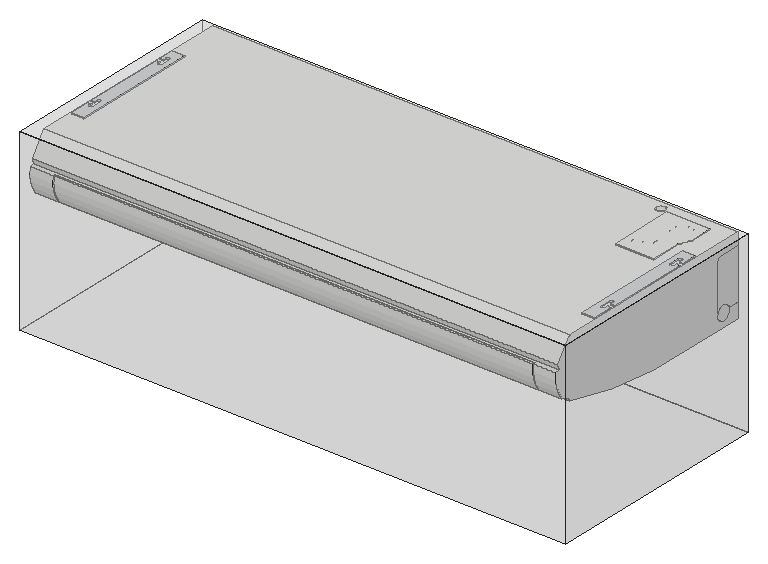
Revit family "outputfile", category 機械設備, Revit 2024
Family settings
  丸型コネクタ寸法 = 半径を使用
  パーツ タイプ = 標準
  OmniClass 番号 = 23.75.10.24.21.27.27
  OmniClass タイトル = Split System Air Conditioning Units
  作業面ベース = いいえ
  常に垂直 = はい
  ロード時にボイドで切り取り = いいえ
  注釈の向きを維持 = いいえ
  共有 = いいえ
  部屋計算ポイント = はい
Parameters (values of type "FXHQ125BVM")
  Description = ""
  製造元 = "Daikin"
  書き出し IFC クラス(タイプ) = "IfcUnitaryEquipmentType"
  定義済み IFC タイプ(タイプ) = "AIRCONDITIONINGUNIT"
  Cost = 0
  モデル = "FXHQ125BVM"
  Type Comments = ""
  Keynote = ""
  Type Image = (empty or 0)
  Assembly Code = ""
  r_Liquid Pipe Size = Liquid Pipe Size / 2  # 4.75 mm
  r_Gas Pipe Size = Gas Pipe Size / 2  # 7.95 mm
  r_Drain Pipe Size = Drain Pipe Size / 2  # 10.0 mm
  l_powersupply [instance] = if(Rear Right Connection_powersupply, 29.0 mm, 175.0 mm)  # 29.0 mm
  h_mountinghole = 2.0 mm  # constant formula
  angle_vertical_powersupply [instance] = if(Rear Right Connection_powersupply, 90.00°, 180.00°)  # 90.00°
  angle_vertical_drainpipe [instance] = if(or(Left Connection_drainpipe, Right Connection_drainpipe), 90.00°, if(Top Connection_drainpipe, 180.00°, -90.00°))  # -90.00°
  angle_horizontal_powersupply [instance] = if(Rear Right Connection_powersupply, 180.00°, 0.00°)  # 180.00°
  angle_horizontal_drainpipe [instance] = if(Right Connection_drainpipe, 90.00°, if(Left Connection_drainpipe, -90.00°, 0.00°))  # 0.00°
  Voltage_comment_60Hz = "220"
  Voltage_comment_50Hz = "220-240"
  Voltage_60Hz = 220 V
  Voltage_50Hz = 220 V
  URL = ""
  Top Connection_refrigerant [instance] = no
  Top Connection_powersupply [instance] = not(Rear Right Connection_powersupply)  # no
  Right Connection_refrigerant [instance] = no
  Rear Right Connection_refrigerant [instance] = yes
  Phase_60Hz = 1
  Phase_50Hz = 1
  Minimum Circuit Amps_60Hz = 1.4 A
  Minimum Circuit Amps_50Hz = 1.4 A
  Maximum Fuse Amps_60Hz = 15.0 A
  Maximum Fuse Amps_50Hz = 15.0 A
  Material_Casing = DAIKIN_White_Casing_indoorunit
  lw_powersupply [instance] = if(Rear Right Connection_powersupply, 220.0 mm, 210.0 mm)  # 220.0 mm
  lw_mountinghole_pitch = 1550.0 mm  # constant formula
  lw_mountinghole = 20.0 mm  # constant formula
  lw_liquidpipe [instance] = if(Right Connection_refrigerant, 156.0 mm, if(Top Connection_refrigerant, 156.0 mm, 136.0 mm))  # 136.0 mm
  lw_gaspipe = 105.0 mm  # constant formula
  lw_drainpipe [instance] = if(Top Connection_drainpipe, 102.0 mm, if(or(Left Connection_drainpipe, Rear Left Connection_drainpipe), 1514.0 mm, 83.0 mm))  # 83.0 mm
  lh_powersupply = 175.0 mm  # constant formula
  lh_liquidpipe [instance] = if(Rear Right Connection_refrigerant, 160.0 mm, 131.0 mm)  # 160.0 mm
  lh_gaspipe [instance] = if(Rear Right Connection_refrigerant, 150.0 mm, 91.0 mm)  # 150.0 mm
  lh_drainpipe = 197.0 mm  # constant formula
  l_antena = 1.0 mm  # constant formula
  ld_powersupply = 30.0 mm  # constant formula
  ld_mountinghole_pitch = 260.0 mm  # constant formula
  ld_mountinghole = 210.0 mm  # constant formula
  ld_liquidpipe [instance] = if(Right Connection_refrigerant, 57.0 mm, if(Top Connection_refrigerant, 189.0 mm, 221.0 mm))  # 221.0 mm
  ld_gaspipe [instance] = if(Right Connection_refrigerant, 57.0 mm, if(Top Connection_refrigerant, 163.0 mm, 214.0 mm))  # 214.0 mm
  ld_drainpipe [instance] = if(or(Left Connection_drainpipe, Right Connection_drainpipe), 57.0 mm, if(Top Connection_drainpipe, 87.0 mm, 268.0 mm))  # 268.0 mm
  l_liquidpipe_length [instance] = if(Right Connection_refrigerant, 156.0 mm, if(Top Connection_refrigerant, 131.0 mm, 220.0 mm))  # 220.0 mm
  l_gaspipe_length [instance] = if(Right Connection_refrigerant, 105.0 mm, if(Top Connection_refrigerant, 91.0 mm, 213.0 mm))  # 213.0 mm
  l_drainpipe_length [instance] = if(Right Connection_drainpipe, 83.0 mm, if(Top Connection_drainpipe, 197.0 mm, if(Left Connection_drainpipe, 76.0 mm, 267.0 mm)))  # 267.0 mm
  h*** = 0.0 mm  # constant formula
  angle_vertical [instance] = if(Right Connection_refrigerant, 90.00°, if(Top Connection_refrigerant, 180.00°, -90.00°))  # -90.00°
  angle_horizontal [instance] = if(Right Connection_refrigerant, 90.00°, 0.00°)  # 0.00°
  Width = 1590.0 mm
  Version = "ver.1.0"
  Unit Type = "Ceiling Suspended Type"
  Unit Mass Weight = 39.00 kg
  Unit Designation [instance] = ""
  Uniclass2015Version = "Products v1.30"
  Uniclass2015Title = "Variable refrigerant flow units"
  Uniclass2015Code = "Pr_70_65_03_94"
  Total Heating Capacity [instance] = 0.000 kW
  Total Cooling Capacity [instance] = 0.000 kW
  Top Connection_drainpipe [instance] = no
  Sound Pressure Level_M speed (dBA) = 0
  Sound Pressure Level_L speed (dBA) = 37
  Sound Pressure Level_H speed (dBA) = 46
  Series = "VRV Fan Coil Unit"
  Sensible Cooling Capacity [instance] = 0.000 kW
  Rear Right Connection_drainpipe [instance] = yes
  Rear Right Connection_powersupply [instance] = yes
  Right Connection_drainpipe [instance] = no
  Refrigerant Type = "R410A"
  Power Input (Heating) = 0.168 kW
  Power Input (Cooling) = 0.168 kW
  Option Accessory 3 [instance] = ""
  Option Accessory 2 [instance] = ""
  Option Accessory 1 [instance] = ""
  Nominal Heating Capacity = 16.000 kW
  Nominal Cooling Capacity = 14.100 kW
  Minimum Airflow = 1200.00 m³/h
  Median Airflow = 0.00 m³/h
  Maximum Airflow = 2040.00 m³/h
  Load Classification = HVAC
  Liquid Pipe Size = 9.5 mm
  Link_Nested Family [instance] = ""
  Rear Left Connection_drainpipe [instance] = no
  Left Connection_drainpipe [instance] = no
  IfcVersion = "0"
  IfcExportType = "AIRCONDITIONINGUNIT"
  IfcExportAs = "IfcUnitaryEquipmentType"
  Height = 235.0 mm
  Heating Entering Wet Bulb Temperature [instance] = 0.00 °C
  Heating Entering Dry Bulb Temperature [instance] = 0.00 °C
  Heating Ambient Wet Bulb Temperature [instance] = 0.00 °C
  Heating Ambient Dry Bulb Temperature [instance] = 0.00 °C
  Heat Exchanger Type = "Cross Fin Coil"
  Gas Pipe Size = 15.9 mm
  Frequency_60Hz = 60 Hz
  Frequency_50Hz = 50 Hz
  Fan Type = "Sirocco Fan"
  Fan Drive = "Direct Drive"
  FCU Tag No. [instance] = ""
  Drain Pipe Size = 20.0 mm
  Design Supply Airflow [instance] = 0.00 m³/h
  Design Outdoor Airflow [instance] = 0.00 m³/h
  Depth = 690.0 mm
  既定の高さ = 0.0 mm
  Cooling Entering Wet Bulb Temperature [instance] = 0.00 °C
  Cooling Entering Dry Bulb Temperature [instance] = 0.00 °C
  Cooling Ambient Wet Bulb Temperature [instance] = 0.00 °C
  Cooling Ambient Dry Bulb Temperature [instance] = 0.00 °C
  Clearance visibility [instance] = yes
  Clearance Top = 5.0 mm
  Clearance Right = 30.0 mm
  Clearance Rear = 0.0 mm
  Clearance Left = 30.0 mm
  Clearance Front = 0.0 mm
  Clearance Bottom = 300.0 mm
Reference planes
  plane 1 "Back": y = 0
  plane 2: z = 0
  plane 3 "Center (Left/Right)": x = 0
  plane 4 "Center (Front/Back)": y = -1
  plane 5 "Front": y = -690
  plane 6 "Left": x = -795
  plane 7 "Right": x = 795
  plane 8 "Top": z = 0
  plane 9 "Bottom": z = -235
  plane 10: y = -690
  plane 11: x = -825
  plane 12: x = 825
  plane 13: z = 5
  plane 14: z = -535
  plane 15: y = 0
  plane 16 "lw_mountinghole": x = -775
  plane 17 "lw_mountinghole2": x = 775
  plane 18 "ld_mountinghole": y = -210
  plane 19 "ld_mountinghole2": y = -470
  plane 20 "lw_gaspipe": x = 690
  plane 21 "ld_gaspipe": y = -214
  plane 22 "lh_gaspipe": z = -150
  plane 23 "lw_liquidpipe": x = 659
  plane 24 "ld_liquidpipe": y = -221
  plane 25 "lh_liquidpipe": z = -160
  plane 26 "ld_drainpipe": y = -268
  plane 27 "lw_drainpipe": x = 712
  plane 28 "lh_drainpipe": z = -197
  plane 29 "lw_powersupply": x = 575
  plane 30 "lh_powersupply": z = -175
  plane 31 "ld_powersupply": y = -30
Forms (mm)
  Extrusion 1, solid, material "DAIKIN_White_Casing_indoorunit" <- "Material_Casing"
    sketch origin (0, 0, 0) x (0, 1, 0) y (0, 0, 1)
      loop
        line (-639.277, 0) -> (-680.876, -61.699) -> (-675.026, -77.772)
        arc (-675.026, -77.772) -> (-681.815, -78.743) -> (-688.601, -79.732) r 2634.132
        arc (-688.601, -79.732) -> (-687.018, -121.096) -> (-669.159, -158.439) r 102.2
        line (-669.159, -158.439) -> (-639.858, -169.325) -> (-635.895, -178.261)
        arc (-635.895, -178.261) -> (-479.121, -215.759) -> (-319.077, -235) r 1400.997
        line (-319.077, -235) -> (-1, -235) -> (-1, 0) -> (-639.277, 0)
    from -795 to 795
  Extrusion 2, solid, material "DAIKIN_White_Casing_indoorunit" <- "Material_Casing"
    sketch origin (0, 0, 0) x (0, 1, 0) y (0, 0, 1)
      loop
        arc (-688.601, -79.732) -> (-687.018, -121.096) -> (-669.159, -158.439) r 102.2
        line (-669.159, -158.439) -> (-665.589, -154.869)
        arc (-665.589, -154.869) -> (-682.432, -118.783) -> (-683.39, -78.971) r 97.2
        arc (-683.39, -78.971) -> (-685.996, -79.351) -> (-688.601, -79.732) r 2634.132
    from -725.5 to 725.5
  Extrusion 3, void
    sketch origin (0, 0, 0) x (0, 1, 0) y (0, 0, 1)
      loop
        line (-301.098, -235) -> (-21.098, -235) -> (-21.098, -230) -> (-301.098, -230) -> (-301.098, -235)
    from -750 to 750
  Extrusion 4, solid, material "DAIKIN_White_Grille_indoorunit"
    sketch origin (0, 0, 0) x (0, 1, 0) y (0, 0, 1)
      loop
        line (-20.098, -230) -> (-301.098, -230) -> (-301.098, -235) -> (-20.098, -235) -> (-20.098, -230)
    from -750 to 750
  Extrusion 5, solid, material "DAIKIN_White_Casing_indoorunit" <- "Material_Casing"
    sketch origin (0, 0, 0) x (1, 0, 0) y (0, 0, 1)
      loop
        line (602, -63) -> (602, -178) -> (673, -220) -> (736, -220) -> (736, -63) -> (602, -63)
    from 0 to 1
  Extrusion 6, solid, material "DAIKIN_White_Casing_indoorunit" <- "Material_Casing"
    sketch origin (0, 0, 0) x (-1, 0, 0) y (0, -1, 0)
      loop
        line (-607, 35) -> (-607, 230) -> (-723, 230) -> (-723, 135) -> (-738, 105) -> (-738, 35) -> (-607, 35)
    from 0 to 1.9
  Extrusion 7, void
    sketch origin (795, 0, 0) x (0, 1, 0) y (0, 0, 1)
      loop
        arc (-79.5, -195) -> (-55.446, -217.446) -> (-34.715, -191.9) r 22.5
        line (-34.715, -191.9) -> (-1, -191.9) -> (-1, -190.1) -> (-35.04, -190.1)
        arc (-35.04, -190.1) -> (-54.942, -172.594) -> (-77.7, -186.182) r 22.5
        line (-77.7, -186.182) -> (-77.7, -43)
        arc (-77.7, -43) -> (-76.528, -40.172) -> (-73.7, -39) r 4
        line (-73.7, -39) -> (-1, -39) -> (-1, -37.2) -> (-73.7, -37.2)
        arc (-73.7, -37.2) -> (-77.801, -38.899) -> (-79.5, -43) r 5.8
        line (-79.5, -43) -> (-79.5, -195)
      loop
        circle (-57, -195) r 20.7
    from 0 to -10
  Extrusion 8, void
    sketch origin (-1444.026, -1, 1200) x (1, 0, 0) y (0, 0, 1)
      loop
        arc (715.026, -1375) -> (704.42, -1379.393) -> (700.026, -1390) r 15
        line (700.026, -1390) -> (700.026, -1400)
        arc (700.026, -1400) -> (704.42, -1410.607) -> (715.026, -1415) r 15
        line (715.026, -1415) -> (745.026, -1415)
        arc (745.026, -1415) -> (755.633, -1410.607) -> (760.026, -1400) r 15
        line (760.026, -1400) -> (760.026, -1390)
        arc (760.026, -1390) -> (755.633, -1379.393) -> (745.026, -1375) r 15
        line (745.026, -1375) -> (715.026, -1375)
    from 0 to 10
  Extrusion 9, void
    sketch origin (-795, 0, 0) x (0, 1, 0) y (0, 0, 1)
      loop
        circle (-57, -197) r 22.5
    from 0 to 10
  Extrusion 10, void
    sketch origin (-1444.026, -1, 1200) x (1, 0, 0) y (0, 0, 1)
      loop
        circle (2136.026, -1375) r 44
    from 0 to 10
  Extrusion 11, void
    sketch origin (0, 0, 0) x (-1, 0, 0) y (0, -1, 0)
      loop
        circle (-693, 87) r 30
    from 0 to -10
  Extrusion 12, void
    sketch origin (0, 0, 0) x (-1, 0, 0) y (0, -1, 0)
      loop
        circle (-690, 163) r 18
    from 0 to -10
  Extrusion 13, void
    sketch origin (0, 0, 0) x (-1, 0, 0) y (0, -1, 0)
      loop
        circle (-639, 189) r 13
    from 0 to -10
  Extrusion 14, void
    sketch origin (-1444.026, -1, 1200) x (1, 0, 0) y (0, 0, 1)
      loop
        circle (2019.026, -1375) r 14.5
    from 0 to 10
  Extrusion 15, void
    sketch origin (0, 0, 0) x (-1, 0, 0) y (0, -1, 0)
      loop
        circle (-585, 30) r 14.5
    from 0 to -10
  Extrusion 16, void
    sketch origin (795, 0, 0) x (0, 1, 0) y (0, 0, 1)
      loop
        arc (-665.589, -154.869) -> (-682.432, -118.783) -> (-683.39, -78.971) r 97.2
        arc (-683.39, -78.971) -> (-685.996, -79.351) -> (-688.601, -79.732) r 2634.132
        arc (-688.601, -79.732) -> (-687.018, -121.096) -> (-669.159, -158.439) r 102.2
        line (-669.159, -158.439) -> (-665.589, -154.869)
    from -69.5 to -1520.5
  Extrusion 17, solid, material "DAIKIN_White_Casing_indoorunit" <- "Material_Casing"
    sketch origin (-795, 0, 0) x (0, 1, 0) y (0, 0, 1)
      loop
        circle (-57, -197) r 22.5
    from 0 to 10
  Extrusion 18, solid
    sketch origin (0, 0, 0) x (-1, 0, 0) y (0, -1, 0)
      loop
        line (781, 223.998) -> (781, 215.998) -> (791.2, 215.998) -> (791.2, 463.998) -> (781, 463.998) -> (781, 455.998)
        arc (781, 455.998) -> (775, 449.998) -> (769, 455.998) r 6
        line (769, 455.998) -> (769, 483.998)
        arc (769, 483.998) -> (775, 489.998) -> (781, 483.998) r 6
        line (781, 483.998) -> (781, 475.998) -> (791.2, 475.998) -> (791.2, 538.998) -> (752.798, 538.998) -> (752.798, 158.998) -> (791.2, 158.998) -> (791.2, 203.998) -> (781, 203.998) -> (781, 195.998)
        arc (781, 195.998) -> (775, 189.998) -> (769, 195.998) r 6
        line (769, 195.998) -> (769, 223.998)
        arc (769, 223.998) -> (775, 229.998) -> (781, 223.998) r 6
      loop
        line (-769, 223.998) -> (-769, 195.998)
        arc (-769, 195.998) -> (-775, 189.998) -> (-781, 195.998) r 6
        line (-781, 195.998) -> (-781, 203.998) -> (-791.2, 203.998) -> (-791.2, 158.998) -> (-752.798, 158.998) -> (-752.798, 538.998) -> (-791.2, 538.998) -> (-791.2, 475.998) -> (-781, 475.998) -> (-781, 483.998)
        arc (-781, 483.998) -> (-775, 489.998) -> (-769, 483.998) r 6
        line (-769, 483.998) -> (-769, 455.998)
        arc (-769, 455.998) -> (-775, 449.998) -> (-781, 455.998) r 6
        line (-781, 455.998) -> (-781, 463.998) -> (-791.2, 463.998) -> (-791.2, 215.998) -> (-781, 215.998) -> (-781, 223.998)
        arc (-781, 223.998) -> (-775, 229.998) -> (-769, 223.998) r 6
    from 0 to 2
Cuts and joins
  Extrusion 3, Extrusion 7, Extrusion 8, Extrusion 9, Extrusion 10, Extrusion 11, Extrusion 12, Extrusion 13, Extrusion 14, Extrusion 15, Extrusion 16 cuts Extrusion 1
Lines and regions (mm)
  reference lines
    curve 1: line (795, -580.282, -192.75) -> (795, -551.225, -200.21)
Dimensions and locks
  equal spacing: plane 6 "Left", plane 3 "Center (Left/Right)", plane 7 "Right"
  "Width": plane 6 "Left" to plane 7 "Right"
  "Depth": plane 5 "Front" to plane 1 "Back"
  "Height": plane 8 "Top" to plane 9 "Bottom"
  "Clearance Front": plane 10 to plane 5 "Front"
  "Clearance Left": plane 11 to plane 6 "Left"
  "Clearance Right": plane 7 "Right" to plane 12
  "Clearance Top": plane 13 to plane 8 "Top"
  "Clearance Bottom": plane 9 "Bottom" to plane 14
  "Clearance Rear": plane 1 "Back" to plane 15
  locked: plane 4 "Center (Front/Back)" to plane 1 "Back" at 1
  locked: Extrusion 1 sketch curve to Extrusion 1 sketch curve at 235
  locked: Extrusion 1 sketch curve to Extrusion 1 sketch curve at 318.077
  locked: Extrusion 1 sketch curve to Extrusion 1 sketch curve at 1163.297
  locked: Extrusion 1 sketch curve to Extrusion 1 sketch curve at 231.144
  Extrusion 3 sketch curve to Extrusion 3 sketch curve to plane 1 "Back" = 280.0 mm locked, 21.098 mm locked
  "ld_mountinghole": plane 18 "ld_mountinghole" to plane 1 "Back"
  "ld_mountinghole_pitch": plane 18 "ld_mountinghole" to plane 19 "ld_mountinghole2"
  "lw_mountinghole_pitch": plane 16 "lw_mountinghole" to plane 17 "lw_mountinghole2"
  "lw_mountinghole": plane 6 "Left" to plane 16 "lw_mountinghole"
  "lw_gaspipe": plane 20 "lw_gaspipe" to plane 7 "Right"
  "ld_gaspipe": plane 1 "Back" to plane 21 "ld_gaspipe"
  "lw_liquidpipe": plane 23 "lw_liquidpipe" to plane 7 "Right"
  "ld_liquidpipe": plane 1 "Back" to plane 24 "ld_liquidpipe"
  "lw_drainpipe": plane 27 "lw_drainpipe" to plane 7 "Right"
  "ld_drainpipe": plane 26 "ld_drainpipe" to plane 1 "Back"
  plane 8 "Top" to Extrusion 5 sketch curve to Extrusion 5 sketch curve = 63.0 mm locked, 157.0 mm locked
  plane 7 "Right" to Extrusion 5 sketch curve to Extrusion 5 sketch curve = 59.0 mm locked, 134.0 mm locked
  locked: Extrusion 5 sketch curve to Extrusion 5 sketch curve at 115
  locked: Extrusion 5 sketch curve to Extrusion 5 sketch curve at 63
  locked: Extrusion 6 sketch curve to Extrusion 6 sketch curve at 195
  locked: Extrusion 6 sketch curve to Extrusion 6 sketch curve at 116
  locked: Extrusion 6 sketch curve to Extrusion 6 sketch curve at 131
  locked: Extrusion 6 sketch curve to Extrusion 6 sketch curve at 100
  locked: Extrusion 6 sketch curve to plane 1 "Back" at 35
  locked: Extrusion 6 sketch curve to plane 7 "Right" at 57
  locked: Extrusion 8 sketch curve to Extrusion 8 sketch curve at 40
  locked: Extrusion 8 sketch curve to Extrusion 8 sketch curve at 60
  locked: plane 8 "Top" to Extrusion 8 sketch curve at 175
  locked: Extrusion 8 sketch curve to plane 6 "Left" at 51
  locked: plane 7 "Right" to Extrusion 10 sketch curve at 103
  locked: plane 8 "Top" to Extrusion 10 sketch curve at 175
  locked: Extrusion 11 sketch curve to plane 1 "Back" at 87
  locked: Extrusion 11 sketch curve to plane 7 "Right" at 102
  locked: Extrusion 12 sketch curve to plane 1 "Back" at 163
  locked: Extrusion 12 sketch curve to plane 7 "Right" at 105
  locked: Extrusion 13 sketch curve to plane 1 "Back" at 189
  locked: Extrusion 13 sketch curve to plane 7 "Right" at 156
  "lw_powersupply": plane 29 "lw_powersupply" to plane 7 "Right"
  "lh_gaspipe": plane 8 "Top" to plane 22 "lh_gaspipe"
  "lh_liquidpipe": plane 8 "Top" to plane 25 "lh_liquidpipe"
  "lh_powersupply": plane 8 "Top" to plane 30 "lh_powersupply"
  "lh_drainpipe": plane 8 "Top" to plane 28 "lh_drainpipe"
  "ld_powersupply": plane 1 "Back" to plane 31 "ld_powersupply"
  locked: plane 8 "Top" to Extrusion 7 sketch curve at 195
  locked: Extrusion 7 sketch curve to plane 1 "Back" at 57
  locked: plane 9 "Bottom" to Extrusion 7 sketch curve at 43.1
  locked: Extrusion 7 sketch curve to plane 8 "Top" at 39
  locked: Extrusion 7 sketch curve to plane 1 "Back" at 79.5
  locked: Extrusion 9 sketch curve to plane 1 "Back" at 57
  locked: plane 8 "Top" to Extrusion 9 sketch curve at 197
  locked: Extrusion 17 sketch curve to plane 1 "Back" at 57
  locked: plane 8 "Top" to Extrusion 17 sketch curve at 197
  locked: plane 7 "Right" to Extrusion 14 sketch curve at 220
  locked: plane 8 "Top" to Extrusion 14 sketch curve at 175
  locked: Extrusion 15 sketch curve to plane 7 "Right" at 210
  locked: Extrusion 15 sketch curve to plane 1 "Back" at 30
  locked: curve 1 to plane 9 "Bottom" at 34.79
  locked: curve 1 to plane 9 "Bottom" at 42.25
  locked: curve 1 to plane 9 "Bottom" (angle 14.40°)
  aligned and locked: level to plane 2
  aligned and locked: nested 1 to plane 11
  aligned and locked: nested 1 to plane 12
  aligned and locked: nested 1 to plane 10
  aligned and locked: plane 13 to nested 1
  aligned and locked: plane 14 to nested 1
  aligned and locked: plane 15 to nested 1
  aligned and locked: Extrusion 1 sketch curve to plane 8 "Top"
  aligned and locked: Extrusion 2 sketch curve to Extrusion 1  (x2)
  aligned and locked: plane 7 "Right" to Extrusion 1
  aligned and locked: Extrusion 1 to plane 6 "Left"
  aligned and locked: cut or joined group 1 (Extrusion 1, Extrusion 3, Extrusion 7, Extrusion 8, Extrusion 9, Extrusion 10, Extrusion 11, Extrusion 12, Extrusion 13, Extrusion 14, Extrusion 15, Extrusion 16) to Extrusion 3 sketch curve
  aligned and locked: cut or joined group 1 to Extrusion 4 sketch curve
  aligned and locked: Extrusion 5 to plane 4 "Center (Front/Back)"
  aligned and locked: Extrusion 7 sketch curve to plane 4 "Center (Front/Back)"
  aligned and locked: Extrusion 16 sketch curve to Extrusion 2  (x4)
  aligned and locked: Extrusion 16 to Extrusion 2  (x2)
  aligned and locked: nested 2 to plane 26 "ld_drainpipe"
  aligned and locked: plane 27 "lw_drainpipe" to nested 2
  aligned and locked: plane 20 "lw_gaspipe" to nested 3
  aligned and locked: nested 3 to plane 21 "ld_gaspipe"
  aligned and locked: plane 23 "lw_liquidpipe" to nested 4
  aligned and locked: nested 4 to plane 24 "ld_liquidpipe"
  aligned and locked: plane 25 "lh_liquidpipe" to nested 4
  aligned and locked: Extrusion 4 sketch curve to cut or joined group 1
  aligned and locked: nested 5 to plane 31 "ld_powersupply"
  aligned and locked: plane 29 "lw_powersupply" to nested 5
  aligned and locked: nested 7 to plane 18 "ld_mountinghole"
  aligned and locked: plane 16 "lw_mountinghole" to nested 7
  aligned and locked: nested 6 to plane 19 "ld_mountinghole2"
  aligned and locked: plane 16 "lw_mountinghole" to nested 6
  aligned and locked: nested 9 to plane 18 "ld_mountinghole"
  aligned and locked: plane 17 "lw_mountinghole2" to nested 9
  aligned and locked: plane 17 "lw_mountinghole2" to nested 8
  aligned and locked: nested 8 to plane 19 "ld_mountinghole2"
  aligned and locked: nested 10 to curve 1
  aligned and locked: level to plane 8 "Top"
Automatic sketch dimensions
  Extrusion 1 sketch curve to plane 5 "Front" = 9.124 mm
  Extrusion 1 sketch curve to plane 8 "Top" = 61.699 mm
  Extrusion 1 sketch curve to plane 5 "Front" = 14.974 mm
  Extrusion 1 sketch curve to plane 5 "Front" = 50.723 mm
  Extrusion 1 sketch curve to Extrusion 1 sketch curve = 16.072 mm
  Extrusion 1 sketch curve to plane 5 "Front" = 54.105 mm
  Extrusion 1 sketch curve to Extrusion 1 sketch curve = 87.226 mm
  Extrusion 1 sketch curve to plane 4 "Center (Front/Back)" = 304.278 mm
  Extrusion 1 sketch curve to Extrusion 1 sketch curve = 18.815 mm
  Extrusion 1 sketch curve to plane 5 "Front" = 1.399 mm
  Extrusion 1 sketch curve to plane 5 "Front" = 20.841 mm
  Extrusion 1 sketch curve to Extrusion 1 sketch curve = 3.963 mm
  Extrusion 1 sketch curve to Extrusion 1 sketch curve = 1.961 mm
  Extrusion 1 sketch curve to Extrusion 1 sketch curve = 8.936 mm
  Extrusion 1 sketch curve to plane 4 "Center (Front/Back)" = 0.0 mm
  Extrusion 2 sketch curve to Extrusion 2 sketch curve = 0.0 mm  (x2)
  Extrusion 2 sketch curve to Extrusion 2 sketch curve = 5.21 mm
  Extrusion 2 sketch curve to Extrusion 2 sketch curve = 3.57 mm  (x2)
  plane 9 "Bottom" to Extrusion 3 sketch curve = 5.0 mm
  Extrusion 6 sketch curve to Extrusion 6 sketch curve = 30.0 mm
  Extrusion 8 sketch curve to plane 28 "lh_drainpipe" = 3.0 mm  (x2)
  Extrusion 7 sketch curve to Extrusion 7 sketch curve = 0.0 mm  (x6)
  Extrusion 7 sketch curve to plane 4 "Center (Front/Back)" = 0.0 mm  (x2)
  Extrusion 7 sketch curve to Extrusion 7 sketch curve = 1.8 mm  (x2)
  Extrusion 7 sketch curve to Extrusion 7 sketch curve = 0.325 mm
  Extrusion 7 sketch curve to Extrusion 7 sketch curve = 4.0 mm
  plane 9 "Bottom" to Extrusion 4 sketch curve = 5.0 mm
  plane 31 "ld_powersupply" to Extrusion 4 sketch curve = 9.902 mm
  Extrusion 18 sketch curve to plane 17 "lw_mountinghole2" = 0.0 mm  (x4)
  Extrusion 18 sketch curve to plane 16 "lw_mountinghole" = 0.0 mm  (x4)
  plane 17 "lw_mountinghole2" to Extrusion 18 sketch curve = 6.0 mm  (x2)
  Extrusion 18 sketch curve to plane 7 "Right" = 3.8 mm  (x3)
  plane 16 "lw_mountinghole" to Extrusion 18 sketch curve = 22.202 mm
  plane 16 "lw_mountinghole" to Extrusion 18 sketch curve = 6.0 mm
  Extrusion 18 sketch curve to Extrusion 18 sketch curve = 6.0 mm
  plane 6 "Left" to Extrusion 18 sketch curve = 3.8 mm  (x3)
  plane 18 "ld_mountinghole" to Extrusion 18 sketch curve = 51.002 mm  (x2)
  plane 18 "ld_mountinghole" to Extrusion 18 sketch curve = 14.002 mm  (x2)
  plane 18 "ld_mountinghole" to Extrusion 18 sketch curve = 6.002 mm  (x2)
  Extrusion 18 sketch curve to plane 18 "ld_mountinghole" = 5.998 mm  (x2)
  Extrusion 18 sketch curve to Extrusion 18 sketch curve = 8.0 mm  (x3)
  plane 19 "ld_mountinghole2" to Extrusion 18 sketch curve = 14.002 mm  (x2)
  plane 19 "ld_mountinghole2" to Extrusion 18 sketch curve = 6.002 mm  (x2)
  Extrusion 18 sketch curve to plane 19 "ld_mountinghole2" = 5.998 mm  (x2)
  Extrusion 18 sketch curve to plane 19 "ld_mountinghole2" = 13.998 mm
  Extrusion 18 sketch curve to Extrusion 18 sketch curve = 55.0 mm  (x2)
  Extrusion 18 sketch curve to plane 17 "lw_mountinghole2" = 22.202 mm
  curve 1 to plane 5 "Front" = 109.718 mm
  Extrusion 8 sketch curve to Extrusion 8 sketch curve = 15.0 mm  (x2)
  radius of Extrusion 10 sketch curve = 44.0 mm
  radius of Extrusion 11 sketch curve = 30.0 mm
  radius of Extrusion 12 sketch curve = 18.0 mm
  radius of Extrusion 13 sketch curve = 13.0 mm
  radius of Extrusion 15 sketch curve = 14.5 mm
  radius of Extrusion 14 sketch curve = 14.5 mm
  radius of Extrusion 7 sketch curve = 20.7 mm
  radius of Extrusion 9 sketch curve = 22.5 mm
  radius of Extrusion 17 sketch curve = 22.5 mm
Nested families
  nested 1: "daikin_clearancespace" at (0, -345, -264.881), visible <- "Clearance visibility", show <- "Clearance visibility", Link_Nested Family <- "Link_Nested Family", type "daikin_clearancespace"
    with width 1650.0 mm, show yes, height 540.0 mm, depth 690.0 mm, Link_Nested Family ""
  nested 2: "daikin_connector_rotate3" at (712, -268, -197), radius <- "r_Drain Pipe Size", angle_vertical <- "angle_vertical_drainpipe", angle_horizontal <- "angle_horizontal_drainpipe", length <- "l_drainpipe_length", type "daikin_connector_rotate3"
    with show no, radius 10.0 mm, length 267.0 mm, angle_vertical -90.00°, angle_horizontal 0.00°
  nested 3: "daikin_connector_rotate3" at (690, -214, -150), radius <- "r_Gas Pipe Size", angle_vertical <- "angle_vertical", angle_horizontal <- "angle_horizontal", length <- "l_gaspipe_length", type "daikin_connector_rotate3"
    with show no, radius 7.95 mm, length 213.0 mm, angle_vertical -90.00°, angle_horizontal 0.00°
  nested 4: "daikin_connector_rotate3" at (659, -221, -160), radius <- "r_Liquid Pipe Size", angle_vertical <- "angle_vertical", angle_horizontal <- "angle_horizontal", length <- "l_liquidpipe_length", type "daikin_connector_rotate3"
    with show no, radius 4.75 mm, length 220.0 mm, angle_vertical -90.00°, angle_horizontal 0.00°
  nested 5: "daikin_connector_rotate3" at (575, -30, -175), length <- "l_powersupply", angle_vertical <- "angle_vertical_powersupply", angle_horizontal <- "angle_horizontal_powersupply", type "daikin_connector_rotate3"
    with show no, radius 10.0 mm, length 29.0 mm, angle_vertical 90.00°, angle_horizontal 180.00°
  nested 6: "daikin_mountinghole" at (-775, -470, 0), l_antenna <- "l_antena", Link_Nested Family <- "Link_Nested Family", h_mountinghole <- "h_mountinghole", type "daikin_mountinghole"
    with show yes, l_antenna 1.0 mm, h_mountinghole 2.0 mm, Link_Nested Family ""
  nested 7: "daikin_mountinghole" at (-775, -210, 0), l_antenna <- "l_antena", Link_Nested Family <- "Link_Nested Family", h_mountinghole <- "h_mountinghole", type "daikin_mountinghole"
    with show yes, l_antenna 1.0 mm, h_mountinghole 2.0 mm, Link_Nested Family ""
  nested 8: "daikin_mountinghole" at (775, -470, 0), l_antenna <- "l_antena", Link_Nested Family <- "Link_Nested Family", h_mountinghole <- "h_mountinghole", type "daikin_mountinghole"
    with show yes, l_antenna 1.0 mm, h_mountinghole 2.0 mm, Link_Nested Family ""
  nested 9: "daikin_mountinghole" at (775, -210, 0), Link_Nested Family <- "Link_Nested Family", l_antenna <- "l_antena", h_mountinghole <- "h_mountinghole", type "daikin_mountinghole"
    with show yes, l_antenna 1.0 mm, h_mountinghole 2.0 mm, Link_Nested Family ""
  nested 10: "daikin_logo_plane_w40" at (647.963, -559.801, -198.008) x (1, 0, 0) z (0, -0.2487, -0.9686), type "daikin_logo_plane_w40"
    with show_logo yes
Connectors
  piping at (712, -1, -197), diameter 20, driven by "r_Drain Pipe Size"
    settings: on nested 2, index 1, connector inside diameter 609.6 mm, connector length 0.0 mm, flow factor 0, pipe flow 0.00 m³/h, pressure drop 0.0 Pa, fitting loss kfactor 0, connector angle 0.00°, fixture units 0, engagement length 0.0 mm, angle of deflection 0.00°, flow configuration 1, flow direction 2, fitting loss method 4, system type 16, joint type 0, gender type 0, connector reference index -1, connector utility 0, adjustable connector no, is connector primary yes, connector description "Condensate Drain Piping"
  piping at (690, -1, -150), diameter 15.9, driven by "r_Gas Pipe Size"
    settings: on nested 3, index 3, connector inside diameter 609.6 mm, connector length 0.0 mm, flow factor 0, pipe flow 0.00 m³/h, pressure drop 0.0 Pa, fitting loss kfactor 0, connector angle 0.00°, fixture units 0, engagement length 0.0 mm, angle of deflection 0.00°, flow configuration 1, flow direction 2, fitting loss method 0, system type 29, joint type 0, gender type 0, connector reference index -1, connector utility 0, adjustable connector no, is connector primary no, connector description "Refrigerant Gas Piping"
  piping at (659, -1, -160), diameter 9.5, driven by "r_Liquid Pipe Size"
    settings: on nested 4, index 4, connector inside diameter 609.6 mm, connector length 0.0 mm, flow factor 0, pipe flow 0.00 m³/h, pressure drop 0.0 Pa, fitting loss kfactor 0, connector angle 0.00°, fixture units 0, engagement length 0.0 mm, angle of deflection 0.00°, flow configuration 1, flow direction 1, fitting loss method 0, system type 29, joint type 0, gender type 0, connector reference index -1, connector utility 0, adjustable connector no, is connector primary no, connector description "Refrigerant Liquid Piping"
  electrical at (575, -1, -175), driven by "Load Classification"
    settings: on nested 5, index 6, voltage 0 V, apparent load 0 VA, apparent load phase1 0 VA, apparent load phase2 0 VA, apparent load phase3 0 VA, power factor 1, load classification "HVAC", number of poles 1, system type 30, power factor state 1, is connector primary yes, connector utility no, sub classification motor no, connector description "Power Supply"
Definition of nested family "daikin_clearancespace"
  Parameters (values of type "daikin_clearancespace")
    width [instance] = 1823.963 mm
    show [instance] = yes
    material = none
    height [instance] = 1359.762 mm
    depth [instance] = 880.0 mm
    Default Elevation = 0.0 mm
    Link_Nested Family [instance] = ""
  Reference planes
    plane 1 "Center (Front/Back)": y = 0
    plane 2 "Center (Elevation)": z = -0.119
    plane 3 "Center (Left/Right)": x = 0
    plane 4: y = 440
    plane 5: y = -440
    plane 6 "Right": x = 911.982
    plane 7 "Left": x = -911.982
    plane 8 "Top": z = 679.762
    plane 9 "Bottom": z = -680
  Forms (mm)
    Extrusion 1, solid, material <- "material", visible <- "show"
      sketch origin (0, 0, 0) x (1, 0, 0) y (0, 1, 0)
        loop
          line (-911.982, 440) -> (-911.982, -440) -> (911.982, -440) -> (911.982, 440) -> (-911.982, 440)
      from -680 to 679.762
  Lines and regions (mm)
    symbolic lines, visible <- "show"
      curve 1: line (911.982, 440, 0) -> (-911.982, 440, 0)
      curve 2: line (-911.982, 440, 0) -> (-911.982, -440, 0)
      curve 3: line (-911.982, -440, 0) -> (911.982, -440, 0)
      curve 4: line (911.982, -440, 0) -> (911.982, 440, 0)
      curve 5: line (911.982, 0, 679.762) -> (-911.982, 0, 679.762)
      curve 6: line (911.982, 0, -680) -> (911.982, 0, 679.762)
      curve 7: line (-911.982, 0, -680) -> (911.982, 0, -680)
      curve 8: line (-911.982, 0, 679.762) -> (-911.982, 0, -680)
      curve 9: line (0, 440, 679.762) -> (0, -440, 679.762)
      curve 10: line (0, -440, 679.762) -> (0, -440, -680)
      curve 11: line (0, 440, -680) -> (0, 440, 679.762)
      curve 12: line (0, -440, -680) -> (0, 440, -680)
  Dimensions and locks
    "width": plane 7 "Left" to plane 6 "Right"
    "depth": plane 4 to plane 5
    "height": plane 8 "Top" to plane 9 "Bottom"
    equal spacing: plane 7 "Left", plane 3 "Center (Left/Right)", plane 6 "Right"
    equal spacing: plane 4, plane 1 "Center (Front/Back)", plane 5
    equal spacing: plane 8 "Top", plane 2 "Center (Elevation)", plane 9 "Bottom"
    aligned and locked: level to plane 2 "Center (Elevation)"
    aligned and locked: Extrusion 1 sketch curve to plane 4
    aligned and locked: plane 7 "Left" to Extrusion 1 sketch curve
    aligned and locked: Extrusion 1 sketch curve to plane 5
    aligned and locked: Extrusion 1 sketch curve to plane 6 "Right"
    aligned and locked: plane 8 "Top" to Extrusion 1
    aligned and locked: curve 1 to Extrusion 1
    aligned and locked: curve 2 to Extrusion 1
    aligned and locked: curve 3 to Extrusion 1
    aligned and locked: curve 4 to Extrusion 1
    aligned and locked: curve 5 to Extrusion 1
    aligned and locked: curve 6 to Extrusion 1
    aligned and locked: curve 7 to Extrusion 1
    aligned and locked: curve 8 to Extrusion 1
    aligned and locked: curve 9 to Extrusion 1
    aligned and locked: curve 10 to Extrusion 1
    aligned and locked: curve 11 to Extrusion 1
    aligned and locked: curve 12 to Extrusion 1
    aligned and locked: Extrusion 1 to plane 9 "Bottom"
Definition of nested family "daikin_logo_plane_w40"
  Parameters (values of type "daikin_logo_plane_w40")
    width = 40.0 mm
    show_logo [instance] = yes
    material = none
    height = 0.0 mm
    depth = 0.0 mm
    Default Elevation = 1219.2 mm
  Reference planes
    plane 1 "Center (Front/Back)": y = 0
    plane 2: z = 0
    plane 3 "Center (Left/Right)": x = 0
    plane 4: z = 2
    plane 5 "left": x = -19
    plane 6: x = 19
  Forms (mm)
    Extrusion 1, solid, visible <- "show_logo"
      sketch origin (-19, 0, 0) x (1, 0, 0) y (0, 1, 0)
        loop
          line (8.902, -1.878) -> (7.789, -6.332) -> (11.13, -6.332)
          arc (11.13, -6.332) -> (12.454, -6.064) -> (13.472, -5.176) r 2.642
          arc (13.472, -5.176) -> (13.92, -4.02) -> (13.767, -2.79) r 2.537
          arc (13.767, -2.79) -> (13.452, -2.342) -> (12.982, -2.06) r 1.321
          arc (12.982, -2.06) -> (12.063, -1.902) -> (11.13, -1.878) r 6.479
          line (11.13, -1.878) -> (8.902, -1.878)
        loop
          line (10.016, -5.441) -> (10.907, -5.441)
          arc (10.907, -5.441) -> (11.591, -4.983) -> (11.988, -4.261) r 1.742
          spline (11.988, -4.261) -> (12.01, -4.155) -> (12.027, -4.03) -> (12.037, -3.893) -> (12.037, -3.747) -> (12.026, -3.598) -> (12.002, -3.451) -> (11.962, -3.31) -> (11.905, -3.181) -> (11.829, -3.069) -> (11.731, -2.978) -> (11.61, -2.913) -> (11.464, -2.88)
          line (11.464, -2.88) -> (10.573, -2.88) -> (10.016, -5.441)
        loop
          line (13.58, -6.332) -> (14.805, -6.332) -> (15.223, -5.553) -> (16.977, -5.553) -> (17.144, -6.332) -> (19.149, -6.332) -> (18.258, -1.878) -> (16.03, -1.878) -> (13.58, -6.332)
        loop
          line (16.476, -3.214) -> (15.76, -4.551) -> (16.762, -4.551) -> (16.476, -3.214)
        loop
          line (19.705, -6.332) -> (21.599, -6.332) -> (22.712, -1.878) -> (20.819, -1.878) -> (19.705, -6.332)
        loop
          line (22.712, -6.332) -> (24.606, -6.332) -> (24.908, -5.122) -> (25.831, -6.332) -> (28.17, -6.332) -> (26.388, -3.994) -> (28.949, -1.878) -> (26.945, -1.878) -> (25.401, -3.153) -> (25.719, -1.878) -> (23.826, -1.878) -> (22.712, -6.332)
        loop
          line (29.84, -1.878) -> (28.615, -6.332) -> (30.62, -6.332) -> (31.734, -1.878) -> (29.84, -1.878)
        loop
          line (31.734, -6.332) -> (33.07, -6.332) -> (33.7, -3.814) -> (34.518, -6.332) -> (36.745, -6.332) -> (37.859, -1.878) -> (36.523, -1.878) -> (35.845, -4.589) -> (34.963, -1.878) -> (32.847, -1.878) -> (31.734, -6.332)
      from 0 to 2
    Extrusion 2, solid, visible <- "show_logo"
      sketch origin (-19, 0, 0) x (1, 0, 0) y (0, 1, 0)
        loop
          line (8.7, 0) -> (4.235, 0) -> (0, -3.879) -> (0, -8) -> (8.7, 0)
      from 0 to 2
    Extrusion 3, solid, visible <- "show_logo"
      sketch origin (-19, 0, 0) x (1, 0, 0) y (0, 1, 0)
        loop
          line (0, 0) -> (0, -3.879) -> (4.235, 0) -> (0, 0)
      from 0 to 2
  Dimensions and locks
    plane 4 to plane 2 = 2.0 mm
    equal spacing: plane 5 "left", plane 3 "Center (Left/Right)", plane 6
    locked: plane 5 "left" to plane 6 at 38
    aligned and locked: level to plane 2
    aligned and locked: Extrusion 3 to plane 1 "Center (Front/Back)"  (x2)
    aligned and locked: Extrusion 2 to plane 1 "Center (Front/Back)"  (x2)
    aligned and locked: plane 4 to Extrusion 1
    aligned and locked: plane 4 to Extrusion 3
    aligned and locked: plane 4 to Extrusion 2
    aligned and locked: Extrusion 3 to plane 5 "left"
    aligned and locked: Extrusion 2 to plane 5 "left"
  Automatic sketch dimensions
    Extrusion 1 sketch curve to Extrusion 1 sketch curve = 0.901 mm
    Extrusion 1 sketch curve to Extrusion 1 sketch curve = 1.559 mm
    Extrusion 1 sketch curve to Extrusion 1 sketch curve = 1.327 mm
    Extrusion 1 sketch curve to Extrusion 1 sketch curve = 2.145 mm
    Extrusion 1 sketch curve to Extrusion 1 sketch curve = 1.448 mm
    Extrusion 1 sketch curve to Extrusion 1 sketch curve = 2.116 mm
    Extrusion 1 sketch curve to Extrusion 1 sketch curve = 1.114 mm  (x4)
    Extrusion 1 sketch curve to Extrusion 1 sketch curve = 1.336 mm  (x2)
    plane 1 "Center (Front/Back)" to Extrusion 1 sketch curve = 1.878 mm  (x5)
    Extrusion 1 sketch curve to Extrusion 1 sketch curve = 1.893 mm  (x5)
    Extrusion 1 sketch curve to Extrusion 1 sketch curve = 0.891 mm  (x4)
    Extrusion 1 sketch curve to Extrusion 1 sketch curve = 2.005 mm  (x3)
    Extrusion 1 sketch curve to Extrusion 1 sketch curve = 0.445 mm  (x2)
    plane 1 "Center (Front/Back)" to Extrusion 1 sketch curve = 3.994 mm
    Extrusion 1 sketch curve to Extrusion 1 sketch curve = 0.557 mm  (x2)
    Extrusion 1 sketch curve to Extrusion 1 sketch curve = 2.339 mm  (x2)
    Extrusion 1 sketch curve to Extrusion 1 sketch curve = 1.225 mm  (x3)
    plane 1 "Center (Front/Back)" to Extrusion 1 sketch curve = 3.153 mm
    Extrusion 1 sketch curve to Extrusion 1 sketch curve = 0.987 mm
    plane 1 "Center (Front/Back)" to Extrusion 1 sketch curve = 5.122 mm
    Extrusion 1 sketch curve to Extrusion 1 sketch curve = 0.922 mm
    plane 1 "Center (Front/Back)" to Extrusion 1 sketch curve = 6.332 mm
    Extrusion 1 sketch curve to Extrusion 1 sketch curve = 2.562 mm
    plane 1 "Center (Front/Back)" to Extrusion 1 sketch curve = 5.553 mm
    Extrusion 1 sketch curve to Extrusion 1 sketch curve = 0.167 mm
    Extrusion 1 sketch curve to Extrusion 1 sketch curve = 0.215 mm
    plane 1 "Center (Front/Back)" to Extrusion 1 sketch curve = 3.214 mm
    Extrusion 1 sketch curve to Extrusion 1 sketch curve = 0.286 mm
    plane 1 "Center (Front/Back)" to Extrusion 1 sketch curve = 4.551 mm
    Extrusion 1 sketch curve to Extrusion 1 sketch curve = 1.002 mm
    Extrusion 1 sketch curve to Extrusion 1 sketch curve = 0.537 mm
    Extrusion 1 sketch curve to Extrusion 1 sketch curve = 0.418 mm
    Extrusion 1 sketch curve to Extrusion 1 sketch curve = 1.028 mm
    plane 1 "Center (Front/Back)" to Extrusion 1 sketch curve = 4.261 mm
    Extrusion 1 sketch curve to Extrusion 1 sketch curve = 0.563 mm
    plane 1 "Center (Front/Back)" to Extrusion 1 sketch curve = 2.88 mm
    Extrusion 1 sketch curve to Extrusion 1 sketch curve = 1.088 mm
    Extrusion 1 sketch curve to Extrusion 1 sketch curve = 2.152 mm
    Extrusion 1 sketch curve to Extrusion 1 sketch curve = 0.586 mm
    Extrusion 1 sketch curve to Extrusion 1 sketch curve = 0.118 mm
    Extrusion 1 sketch curve to Extrusion 1 sketch curve = 0.298 mm
    Extrusion 1 sketch curve to Extrusion 1 sketch curve = 0.334 mm
    Extrusion 1 sketch curve to Extrusion 1 sketch curve = 0.223 mm
    Extrusion 1 sketch curve to Extrusion 1 sketch curve = 0.266 mm
    Extrusion 1 sketch curve to Extrusion 1 sketch curve = 1.671 mm
    Extrusion 1 sketch curve to Extrusion 1 sketch curve = 2.227 mm
    Extrusion 1 sketch curve to Extrusion 1 sketch curve = 0.0 mm  (x7)
    Extrusion 1 sketch curve to Extrusion 1 sketch curve = 3.453 mm
    Extrusion 1 sketch curve to Extrusion 1 sketch curve = 2.017 mm
    Extrusion 1 sketch curve to Extrusion 1 sketch curve = 0.78 mm  (x2)
    Extrusion 1 sketch curve to Extrusion 1 sketch curve = 1.743 mm
    Extrusion 1 sketch curve to Extrusion 1 sketch curve = 0.775 mm
    Extrusion 1 sketch curve to Extrusion 1 sketch curve = 0.552 mm
    Extrusion 1 sketch curve to Extrusion 1 sketch curve = 0.014 mm
    Extrusion 1 sketch curve to Extrusion 1 sketch curve = 0.952 mm
    Extrusion 1 sketch curve to Extrusion 1 sketch curve = 1.215 mm
    Extrusion 1 sketch curve to Extrusion 1 sketch curve = 0.108 mm
    plane 1 "Center (Front/Back)" to Extrusion 2 sketch curve = 0.0 mm
    Extrusion 2 sketch curve to plane 3 "Center (Left/Right)" = 19.0 mm
    Extrusion 2 sketch curve to plane 3 "Center (Left/Right)" = 14.765 mm
    Extrusion 2 sketch curve to Extrusion 2 sketch curve = 4.465 mm
    plane 1 "Center (Front/Back)" to Extrusion 2 sketch curve = 3.879 mm
    Extrusion 2 sketch curve to Extrusion 2 sketch curve = 4.12 mm
    plane 1 "Center (Front/Back)" to Extrusion 3 sketch curve = 0.0 mm
    Extrusion 3 sketch curve to plane 3 "Center (Left/Right)" = 19.0 mm
    Extrusion 3 sketch curve to plane 3 "Center (Left/Right)" = 14.765 mm
    plane 1 "Center (Front/Back)" to Extrusion 3 sketch curve = 3.879 mm
    Extrusion 1 sketch curve to plane 3 "Center (Left/Right)" = 11.211 mm
    Extrusion 1 sketch curve to Extrusion 1 sketch curve = 1.782 mm
Definition of nested family "daikin_connector_rotate3"
  Parameters (values of type "daikin_connector_rotate3")
    show [instance] = yes
    radius [instance] = 10.0 mm
    length [instance] = 600.0 mm
    angle_horizontal [instance] = 60.00°
    angle_vertical [instance] = 90.00°
    Default Elevation = 1219.2 mm
  Reference planes
    plane 1 "Center (Front/Back)": y = 0
    plane 2: z = 0
    plane 3 "Center (Left/Right)": x = 0
  Dimensions and locks
    "angle_horizontal": angle plane 3 "Center (Left/Right)" to nested 1
    aligned and locked: level to plane 2
    aligned and locked: plane 1 "Center (Front/Back)" to nested 1  (x2)
    aligned and locked: plane 3 "Center (Left/Right)" to nested 1
  Nested families
    nested 1: "daikin_connector_rotate2" at (0, 0, 0) x (0.5, 0.866, 0) z (0, 0, 1), angle_vertical <- "angle_vertical", length <- "length", radius <- "radius", type "daikin_connector_rotate2"
      with radius 10.0 mm, length 600.0 mm, angle_vertical 90.00°
  Definition of nested family "daikin_connector_rotate2"
    Parameters (values of type "daikin_connector_rotate2")
      show_face = yes
      radius [instance] = 10.0 mm
      length [instance] = 600.0 mm
      d_surface = 10.0 mm
      angle_vertical [instance] = 90.00°
      Default Elevation = 0.0 mm
    Reference planes
      plane 1 "Center (Front/Back)": y = 0
      plane 2: z = 0
      plane 3 "Center (Left/Right)": x = 0
    Forms (mm)
      Extrusion 1, solid, visible <- "show_face"
        sketch origin (0, -600, 0) x (1, 0, 0) y (0, 0, 1)
          loop
            circle (0, 0) r 10
        from 0 to -10
    Lines and regions (mm)
      reference lines
        curve 1: line (0, 0, 0) -> (0, -600, 0)
      symbolic lines
        curve 2: circle (0, 0, 0) r 5 normal (0, 0, 1)
      model lines, visible <- "show_face"
        curve 3: line (0, 0, 0) -> (0, -600, 0)
    Dimensions and locks
      "length": curve 1 to curve 1
      "length": curve 3 to curve 3
      "d_surface": Extrusion 1 to Extrusion 1
      "radius": radius of Extrusion 1 sketch curve
      "angle_vertical": angle curve 1 to plane 1 "Center (Front/Back)"
      "angle_vertical": angle curve 3 to plane 1 "Center (Front/Back)"
      aligned and locked: level to plane 2
      aligned and locked: plane 1 "Center (Front/Back)" to curve 1
      aligned and locked: plane 2 to curve 1
      aligned and locked: plane 1 "Center (Front/Back)" to curve 2
      aligned and locked: plane 3 "Center (Left/Right)" to curve 2
      aligned and locked: plane 1 "Center (Front/Back)" to curve 3
      aligned and locked: plane 2 to curve 3
      aligned and locked: Extrusion 1 to Extrusion 1
    Automatic sketch dimensions
      Extrusion 1 sketch curve to level = 0.0 mm
      Extrusion 1 sketch curve to plane 3 "Center (Left/Right)" = 0.0 mm
      radius of curve 2 = 5.0 mm
Definition of nested family "daikin_mountinghole"
  Parameters (values of type "daikin_mountinghole")
    Default Elevation = 1219.2 mm
    Type Comments = "mountinghole"
    show [instance] = yes
    material = none
    l_centerline = 100.0 mm
    l_antenna [instance] = 100.0 mm
    h_mountinghole [instance] = 0.0 mm
    d_circle = 30.0 mm
    Link_Nested Family [instance] = ""
  Reference planes
    plane 1 "Center (Front/Back)": y = 0
    plane 2: z = 0
    plane 3 "Center (Left/Right)": x = 0
    plane 4: y = 50
    plane 5: x = -50
    plane 6: x = 50
    plane 7: y = -50
    plane 8 "h_mountinghole": z = 0
    plane 9: z = 100
  Lines and regions (mm)
    model lines, detail levels fine
      curve 1: circle (0, 0, 0) r 15 normal (0, 0, 1)
      curve 2: line (-50, 0, 0) -> (50, 0, 0)
      curve 3: line (0, 50, 0) -> (0, -50, 0)
    symbolic lines, detail levels fine
      curve 4: circle (0, 0, 0) r 15 normal (0, 0, 1)
      curve 5: line (-50, 0, 0) -> (50, 0, 0)
      curve 6: line (0, 50, 0) -> (0, -50, 0)
    model lines
      curve 7: line (0, 0, 100) -> (0, 0, 0)
  Dimensions and locks
    equal spacing: plane 4, plane 1 "Center (Front/Back)", plane 7
    "l_centerline": plane 4 to plane 7
    equal spacing: plane 5, plane 3 "Center (Left/Right)", plane 6
    "l_centerline": plane 5 to plane 6
    "l_antenna": plane 9 to plane 8 "h_mountinghole"
    "h_mountinghole": plane 8 "h_mountinghole" to plane 2
    "d_circle": diameter of curve 1
    "d_circle": diameter of curve 4
    aligned and locked: level to plane 2
    aligned and locked: plane 1 "Center (Front/Back)" to curve 1
    aligned and locked: plane 3 "Center (Left/Right)" to curve 1
    aligned and locked: plane 1 "Center (Front/Back)" to curve 2
    aligned and locked: curve 3 to plane 3 "Center (Left/Right)"
    aligned and locked: plane 6 to curve 2
    aligned and locked: plane 5 to curve 2
    aligned and locked: plane 4 to curve 3
    aligned and locked: plane 7 to curve 3
    aligned and locked: plane 1 "Center (Front/Back)" to curve 4
    aligned and locked: plane 3 "Center (Left/Right)" to curve 4
    aligned and locked: plane 6 to curve 5
    aligned and locked: plane 5 to curve 5
    aligned and locked: plane 1 "Center (Front/Back)" to curve 5
    aligned and locked: plane 4 to curve 6
    aligned and locked: plane 7 to curve 6
    aligned and locked: curve 6 to plane 3 "Center (Left/Right)"
    aligned and locked: curve 7 to plane 3 "Center (Left/Right)"
    aligned and locked: plane 9 to curve 7
    aligned and locked: plane 8 "h_mountinghole" to curve 7
